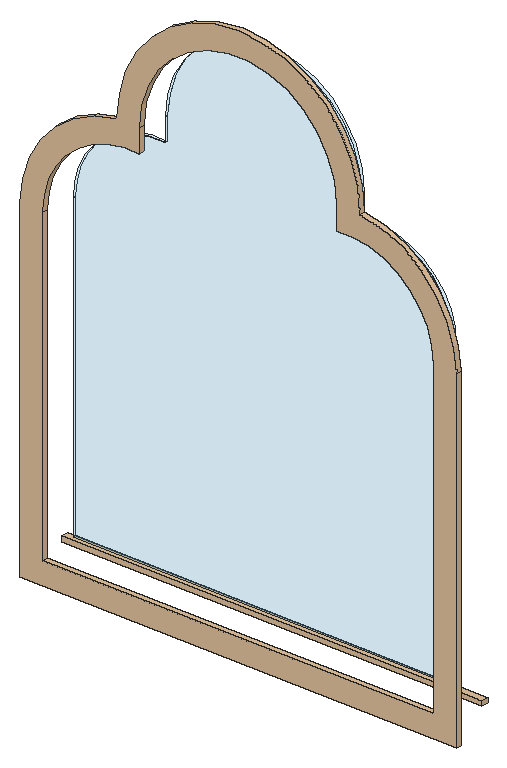
Revit family "double Arched", category Windows, host Wall, Revit 2016
Family settings
  Host = Wall
  OmniClass Number = 23.30.20.00
  OmniClass Title = Windows
  Always vertical = Yes
  Cut with Voids When Loaded = No
  Shared = No
  Room Calculation Point = No
Parameters (values of type "30" x 60" ")
  Visual Light Transmittance = 0.9
  Thermal Resistance (R) = 1.5394 (h·ft²·°F)/BTU
  Solar Heat Gain Coefficient = 0.78
  Construction Type Id = "GSP4R"
  Heat Transfer Coefficient (U) = 0.6496 BTU/(h·ft²·°F)
  Assembly Code = "B2020100"
  Glass Pane Material = Glass
  Height = 5' - 0"
  Radius = Width  # 2' - 6"
  Sash Material = Sash
  Default Sill Height = 2' - 0"
  Trim Exterior Material = Trim
  Trim Interior Material = Trim
  Trim Projection - Ext. = 0' - 0 1/2"
  Trim Projection - Int. = 0' - 0 3/4"
  Trim Width - Exterior = 0' - 3 1/2"
  Trim Width - Interior = 0' - 3 1/2"
  Wall Closure = By host
  Width = 2' - 6"
  Analytic Construction = "1/8 in Pilkington single glazing"
Reference planes (in)
  plane 1: y = 0
  plane 2 "Center": x = 0.47167
  plane 3 "Sill": z = 36
  plane 4: z = 60
  plane 5: x = 15.47167
  plane 6 "Right": x = -14.52833
  plane 7 "Top": z = 84
  plane 8: x = -13.27833
  plane 9: x = -13.77833
  plane 10: x = -13.77833
  plane 11: x = -14.27833
  plane 12: x = 14.22167
  plane 13: x = 14.72167
  plane 14: x = 14.72167
  plane 15: x = 15.22167
  plane 16: z = 86.75
  plane 17: z = 86.25
  plane 18: z = 83.25
  plane 19: z = 82.75
  plane 20: z = 37.25
  plane 21: z = 33.75
  plane 22 "Closure": y = 1.125
  plane 23: y = 0.5
Forms (in)
  Extrusion 1, solid, material "Glass" <- "Glass Pane Material"
    sketch origin (-4.44843, 3, -4.60771) x (1, 0, 0) y (0, 0, 1)
      loop
        line (-24.30326, 89.47482) -> (-24.30326, 43.10771) -> (33.76654, 43.10771) -> (33.76654, 89.47482)
        arc (33.76654, 89.47482) -> (29.54614, 98.84584) -> (19.73164, 101.896) r 12.51396
        line (19.73164, 101.896) -> (19.73164, 105.47482)
        arc (19.73164, 105.47482) -> (4.73164, 120.47482) -> (-10.26836, 105.47482) r 15
        line (-10.26836, 105.47482) -> (-10.26836, 101.896)
        arc (-10.26836, 101.896) -> (-20.08286, 98.84584) -> (-24.30326, 89.47482) r 12.51396
    from 1.375 to 1.875
  Extrusion 2, solid, material "Trim" <- "Trim Interior Material"
    sketch origin (0.47167, 0, 0) x (1, 0, 0) y (0, 0, 1)
      loop
        line (-29.92776, 37.25) -> (29.55507, 37.25) -> (29.55507, 84.8671)
        arc (29.55507, 84.8671) -> (25.1281, 94.73998) -> (14.81154, 98.00192) r 13.22258
        line (14.81154, 98.00192) -> (14.81154, 101.58074)
        arc (14.81154, 101.58074) -> (-0.18846, 116.58074) -> (-15.18846, 101.58074) r 15
        line (-15.18846, 101.58074) -> (-15.18846, 97.99766)
        arc (-15.18846, 97.99766) -> (-25.50203, 94.73699) -> (-29.92776, 84.8671) r 13.21835
        line (-29.92776, 84.8671) -> (-29.92776, 37.25)
      loop
        line (-33.42776, 33.75) -> (33.05507, 33.75) -> (33.05507, 84.8666)
        arc (33.05507, 84.8666) -> (28.8322, 95.97524) -> (18.29636, 101.47347) r 16.72258
        arc (18.29636, 101.47347) -> (-0.19034, 120.06587) -> (-18.67326, 101.46971) r 18.48514
        arc (-18.67326, 101.46971) -> (-29.20612, 95.97275) -> (-33.42776, 84.8671) r 16.71835
        line (-33.42776, 84.8671) -> (-33.42776, 33.75)
    from 3 to 3.75
  Extrusion 3, solid, material "Trim" <- "Trim Exterior Material"
    sketch origin (0.47167, 0, 0) x (-1, 0, 0) y (0, 0, 1)
      loop
        line (-31.55083, 36.75) -> (-31.55083, 36) -> (32.43122, 36) -> (32.43122, 36.75) -> (-31.55083, 36.75)
    from 3 to 4
Lines and regions (in)
  Opening 1
    outline origin (-60, -3, 0) x (1, 0, 0) y (0, 0, 1)
      loop
        arc (93.52243, 84.86692) -> (88.25359, 97.04933) -> (75.76805, 101.55303) r 16.71824
        arc (75.76805, 101.55303) -> (60.28333, 116.36715) -> (44.79842, 101.55322) r 15.5
        arc (44.79842, 101.55322) -> (32.31276, 97.04946) -> (27.04386, 84.86692) r 16.71844
        line (27.04386, 84.86692) -> (27.04386, 36) -> (93.52243, 36) -> (93.52243, 84.86692)
  symbolic lines, style "Windows"
    curve 1: line (-20.57265, 3, 0) -> (-31.20609, 3, 0)
    curve 2: line (-14.52833, -3, 0) -> (-13.27833, -3, 0)
    curve 3: line (-31.20609, 3, 0) -> (-31.20609, 0.5, 0)
    curve 4: line (-31.20609, 0.5, 0) -> (-12.02833, 0.5, 0)
    curve 5: line (-13.27833, -3, 0) -> (-13.27833, 0.5, 0)
    curve 6: line (-31.20609, 2.25, 0) -> (-12.02833, 2.25, 0)
    curve 7: line (-12.02833, 2.25, 0) -> (-12.02833, 0.5, 0)
    curve 8: line (12.97167, 2.25, 0) -> (12.97167, 0.5, 0)
    curve 9: line (-20.57265, 3, 0) -> (15.47167, 3, 0)
    curve 10: line (14.22167, 0.5, 0) -> (14.22167, -3, 0)
    curve 11: line (12.97167, 0.5, 0) -> (-20.57265, 0.5, 0)
    curve 12: line (-20.57265, 3, 0) -> (-20.57265, 0.5, 0)
    curve 13: line (14.22167, -3, 0) -> (15.47167, -3, 0)
    curve 14: line (12.97167, 2.25, 0) -> (-20.57265, 2.25, 0)
    curve 15: line (-12.02833, 1.375, 0) -> (12.97167, 1.375, 0)
Text (in)
  text "Exterior" at (0, -43.09243, 105.28801), in view "Right"
  text "Exterior" at (-41.7001, 28.46503, 0), in view "Floor Line"
  text "Exterior" at (0, 23.27086, 99.42396), in view "Left"
Dimensions and locks (in)
  equal spacing: plane 6 "Right", plane 2 "Center", plane 5
  "Width": plane 6 "Right" to plane 5
  locked: Extrusion 1 to Extrusion 1 at 0.5
  locked: plane 6 "Right" to plane 9 at 0.75
  locked: plane 6 "Right" to plane 8 at 1.25
  locked: plane 13 to plane 5 at 0.75
  locked: plane 12 to plane 5 at 1.25
  locked: plane 22 "Closure" to host wall at 1.875
  locked: host wall to plane 23 at 2.5
  aligned and locked: Opening 1 sketch curve to Opening 1 sketch curve
  aligned and locked: plane 3 "Sill" to Opening 1 sketch curve
  aligned and locked: Opening 1 sketch curve to plane 3 "Sill"
  aligned and locked: Extrusion 3 to host wall
  aligned and locked: Extrusion 2 to host wall
  aligned and locked: Extrusion 1 to plane 22 "Closure"
Automatic sketch dimensions
  Extrusion 1 sketch curve to plane 3 "Sill" = 0' - 2 1/2"
  Extrusion 2 sketch curve to plane 21 = 0' - 0"
  Extrusion 2 sketch curve to plane 7 "Top" = 0' - 0.8671"  (x2)
  Extrusion 2 sketch curve to plane 11 = 0' - 1.9594"
  Extrusion 2 sketch curve to Extrusion 2 sketch curve = 1' - 1.21835"
  Extrusion 2 sketch curve to plane 6 "Right" = 0' - 0.18846"
  Extrusion 2 sketch curve to plane 2 "Center" = 0' - 0.18846"
  plane 14 to Extrusion 2 sketch curve = 0' - 2.08248"
  Extrusion 2 sketch curve to Extrusion 2 sketch curve = 0' - 3.57881"
  Extrusion 2 sketch curve to Extrusion 2 sketch curve = 0' - 3 1/2"  (x2)
  Extrusion 2 sketch curve to plane 20 = 0' - 0"
  Extrusion 2 sketch curve to Extrusion 2 sketch curve = 0' - 0"  (x5)
  Extrusion 2 sketch curve to Extrusion 2 sketch curve = 0' - 0.0005"
  Extrusion 2 sketch curve to Extrusion 2 sketch curve = 0' - 3.48482"
  Extrusion 2 sketch curve to Extrusion 2 sketch curve = 0' - 3.4848"
  curve 9 to plane 5 = 0' - 0"
  curve 13 to plane 5 = 0' - 0"
  plane 8 to curve 6 = 0' - 1 1/4"
  curve 8 to plane 12 = 0' - 1 1/4"
  curve 14 to host wall = 0' - 0 3/4"
  curve 7 to host wall = 0' - 0 3/4"
  curve 15 to plane 22 "Closure" = 0' - 0 1/4"
  host wall to curve 2 = 0' - 0"
  curve 2 to plane 6 "Right" = 0' - 0"
  curve 2 to plane 8 = 0' - 0"
  host wall to curve 10 = 0' - 0"
  curve 10 to plane 23 = 0' - 0"
  plane 12 to curve 10 = 0' - 0"
  plane 15 to Opening 1 sketch curve = 1' - 6 77/256"
  Opening 1 sketch curve to plane 2 "Center" = 0' - 0.18843"
  Opening 1 sketch curve to plane 7 "Top" = 0' - 0.86692"
  plane 15 to Opening 1 sketch curve = 0' - 1.58253"
  Opening 1 sketch curve to plane 16 = 1' - 2.11714"
  Opening 1 sketch curve to plane 11 = 0' - 0.92325"
  plane 15 to Opening 1 sketch curve = 0' - 0.54639"
  Opening 1 sketch curve to plane 11 = 0' - 1.95937"
  Extrusion 1 sketch curve to plane 2 "Center" = 0' - 0.18846"
  Extrusion 1 sketch curve to plane 5 = 0' - 0.18846"
  Extrusion 1 sketch curve to plane 7 "Top" = 0' - 0.8671"  (x2)
  plane 15 to Extrusion 1 sketch curve = 0' - 1.58248"
  Extrusion 1 sketch curve to plane 16 = 0' - 10.53829"
  Extrusion 1 sketch curve to Extrusion 1 sketch curve = 0' - 3.57881"  (x2)
  Extrusion 1 sketch curve to plane 11 = 0' - 1.9594"
  Extrusion 3 sketch curve to plane 11 = 1' - 5.68122"
  plane 20 to Extrusion 3 sketch curve = 0' - 0 1/2"
  plane 15 to Extrusion 3 sketch curve = 1' - 4.80083"
  curve 3 to plane 23 = 0' - 0"
  curve 1 to host wall = 0' - 0"
  curve 11 to plane 6 "Right" = 0' - 6.04432"
  curve 3 to curve 1 = 0' - 10.63344"
  Extrusion 3 sketch curve to plane 3 "Sill" = 0' - 0"
